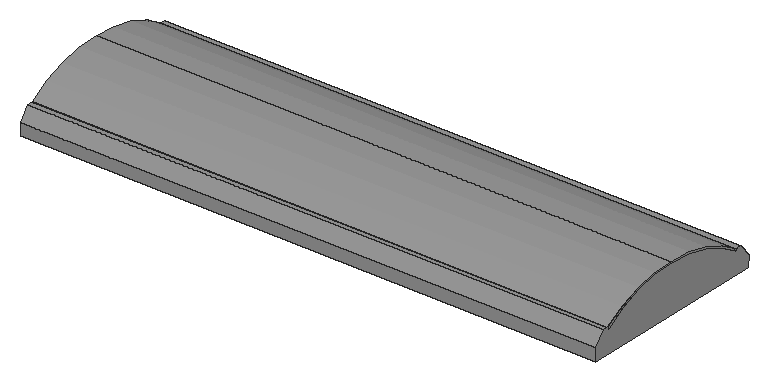
Revit family "r2016_omelta_lyuks-12cn", category Осветительные приборы, Revit 2016
Family settings
  Основа = Грань
  Тип детали = Нормальный
  Размер круглого соединителя = Использовать диаметр
  При загрузке вырезать с полостями = Нет
  Источник света = Нет
  Общий = Нет
  Точка расчета площади = Да
Parameters (values of type "ВХОД")
  Разработано = "«support@bimlib.ru»"  # constant formula
  Полная установленная мощность = 0 VA
  Лампа = "LED"
  Изготовитель = "ООО «Электротехника и Автоматика»"  # constant formula
  Z [instance] = 1000 mm
  ADSK_Примечание [instance] = ""
  ADSK_Позиция [instance] = ""
  ADSK_Марка [instance] = ADSK_Обозначение  # "ЛЮКС-12 СН"
  ADSK_Единица измерения = "шт."
  "Эвакуационный выход" = no
  "Пожар" = no
  "Вход" = yes
  X [instance] = 1000 mm
  Default Elevation = 2600 mm
  Y [instance] = 1100 mm
  URL = "https://omelta.com/store/20-lyuks_12_sn/"
  ADSK_Этаж [instance] = ""
  ADSK_Ток [instance] = 0.08 A
  ADSK_Обозначение [instance] = "ЛЮКС-12 СН"  # constant formula
  ADSK_Напряжение [instance] = 12 V
  ADSK_Наименование [instance] = "Световой указатель (информационное табло), IP55"
  ADSK_Материал наименование [instance] = ""
  ADSK_Масса [instance] = 0.2
  ADSK_Код изделия [instance] = "ТУ 4372-002-49518441-04"
  ADSK_Завод-изготовитель [instance] = "ООО «Электротехника и Автоматика»"  # constant formula
  "Запасный выход" = no
  "Выход" = no
Types (6, lengths in mm): name | Z | "Эвакуационный выход" | "Пожар" | "Вход" | "Запасный выход" | "Выход"
  (no name) | 1000 | no | no | yes | no | no
  ВЫХОД | 219.913 | no | no | no | no | yes
  ЗАПАСНЫЙ ВЫХОД | 1000 | no | no | no | yes | no
  ВХОД | 1000 | no | no | yes | no | no
  ЭВАКУАЦИОННЫЙ ВЫХОД | 1000 | yes | no | no | no | no
  ПОЖАР | 1000 | no | yes | no | no | no
Reference planes
  plane 1 "По центру (Вперед/Назад)": y = 0
  plane 2: z = 0
  plane 3 "По центру (Влево/Вправо)": x = 0
  plane 4: x = 1000
  plane 5: z = -1000
  plane 6: y = 1000
Forms (mm)
  Extrusion 1, solid, detail levels medium
    sketch origin (0, 0, 0) x (1, 0, 0) y (0, 1, 0)
      loop
        line (-1219.2, 1219.2) -> (-1219.2, -1219.2) -> (1219.2, -1219.2) -> (1219.2, 1219.2) -> (-1219.2, 1219.2)
    from 0 to -304.8
  Extrusion 2, solid, material "Пластик темный", detail levels medium+fine
    sketch origin (151, -37.336, -45) x (0, 0, 1) y (0, 1, 0)
      loop
        line (45, -12.484) -> (51.394, -12.484) -> (57.519, -7.345) -> (57.519, -4.333)
        arc (57.519, -4.333) -> (67.14, 15.487) -> (69.977, 37.336) r 68.556
        arc (69.977, 37.336) -> (67.14, 59.184) -> (57.519, 79.004) r 68.556
        line (57.519, 79.004) -> (57.519, 81.781) -> (51.394, 86.92) -> (45, 86.92) -> (45, -12.484)
    from 0 to 300
  Extrusion 3, solid, material "Пластик темный", not visible, detail levels medium+fine
    sketch origin (151, -37.336, -45) x (0, 0, 1) y (0, 1, 0)
      loop
        line (45, -12.484) -> (51.394, -12.484) -> (57.519, -7.345) -> (57.519, -4.333)
        arc (57.519, -4.333) -> (67.14, 15.487) -> (69.977, 37.336) r 68.556
        arc (69.977, 37.336) -> (67.14, 59.184) -> (57.519, 79.004) r 68.556
        line (57.519, 79.004) -> (57.519, 81.781) -> (51.394, 86.92) -> (45, 86.92) -> (45, -12.484)
    from 0 to 300
  Extrusion 4, solid, material "Пиктограмма "Вход"", visible <- ""Вход"", detail levels medium+fine
    sketch origin (2, -0.078, 0) x (0, -1, 0) y (0, 0, 1)
      loop
        arc (0, 24.995) -> (-22, 22.276) -> (-41.904, 12.519) r 66.917
        line (-41.904, 12.519) -> (-41.434, 11.861)
        arc (-41.434, 11.861) -> (-21.757, 21.565) -> (0, 24.384) r 66.917
        arc (0, 24.384) -> (21.757, 21.565) -> (41.434, 11.861) r 66.917
        line (41.434, 11.861) -> (41.904, 12.519)
        arc (41.904, 12.519) -> (22, 22.276) -> (0, 24.995) r 66.917
    from -149 to 151
  Extrusion 5, solid, material "Пиктограмма "Эвакуационный выход"", visible <- ""Эвакуационный выход"", detail levels medium+fine
    sketch origin (2, -0.078, 0) x (0, -1, 0) y (0, 0, 1)
      loop
        arc (0, 24.995) -> (-22, 22.276) -> (-41.904, 12.519) r 66.917
        line (-41.904, 12.519) -> (-41.434, 11.861)
        arc (-41.434, 11.861) -> (-21.757, 21.565) -> (0, 24.384) r 66.917
        arc (0, 24.384) -> (21.757, 21.565) -> (41.434, 11.861) r 66.917
        line (41.434, 11.861) -> (41.904, 12.519)
        arc (41.904, 12.519) -> (22, 22.276) -> (0, 24.995) r 66.917
    from -149 to 151
  Extrusion 6, solid, material "Пиктограммы "Запасный выход"", visible <- ""Запасный выход"", detail levels medium+fine
    sketch origin (2, -0.078, 0) x (0, -1, 0) y (0, 0, 1)
      loop
        arc (0, 24.995) -> (-22, 22.276) -> (-41.904, 12.519) r 66.917
        line (-41.904, 12.519) -> (-41.434, 11.861)
        arc (-41.434, 11.861) -> (-21.757, 21.565) -> (0, 24.384) r 66.917
        arc (0, 24.384) -> (21.757, 21.565) -> (41.434, 11.861) r 66.917
        line (41.434, 11.861) -> (41.904, 12.519)
        arc (41.904, 12.519) -> (22, 22.276) -> (0, 24.995) r 66.917
    from -149 to 151
  Extrusion 7, solid, material "Пиктограмма "Выход"", visible <- ""Выход"", detail levels medium+fine
    sketch origin (2, -0.078, 0) x (0, -1, 0) y (0, 0, 1)
      loop
        arc (0, 24.995) -> (-22, 22.276) -> (-41.904, 12.519) r 66.917
        line (-41.904, 12.519) -> (-41.434, 11.861)
        arc (-41.434, 11.861) -> (-21.757, 21.565) -> (0, 24.384) r 66.917
        arc (0, 24.384) -> (21.757, 21.565) -> (41.434, 11.861) r 66.917
        line (41.434, 11.861) -> (41.904, 12.519)
        arc (41.904, 12.519) -> (22, 22.276) -> (0, 24.995) r 66.917
    from -149 to 151
  Extrusion 8, solid, material "Пиктограмма "Пожар"", visible <- ""Пожар"", detail levels medium+fine
    sketch origin (2, -0.078, 0) x (0, -1, 0) y (0, 0, 1)
      loop
        arc (0, 24.995) -> (-22, 22.276) -> (-41.904, 12.519) r 66.917
        line (-41.904, 12.519) -> (-41.434, 11.861)
        arc (-41.434, 11.861) -> (-21.757, 21.565) -> (0, 24.384) r 66.917
        arc (0, 24.384) -> (21.757, 21.565) -> (41.434, 11.861) r 66.917
        line (41.434, 11.861) -> (41.904, 12.519)
        arc (41.904, 12.519) -> (22, 22.276) -> (0, 24.995) r 66.917
    from -149 to 151
  Extrusion 9, solid, material "Пиктограмма "Вход"", visible <- ""Вход"", not visible, detail levels medium+fine
    sketch origin (2, -0.078, 0) x (0, -1, 0) y (0, 0, 1)
      loop
        arc (0, 24.995) -> (-22, 22.276) -> (-41.904, 12.519) r 66.917
        line (-41.904, 12.519) -> (-41.434, 11.861)
        arc (-41.434, 11.861) -> (-21.757, 21.565) -> (0, 24.384) r 66.917
        arc (0, 24.384) -> (21.757, 21.565) -> (41.434, 11.861) r 66.917
        line (41.434, 11.861) -> (41.904, 12.519)
        arc (41.904, 12.519) -> (22, 22.276) -> (0, 24.995) r 66.917
    from -149 to 151
  Extrusion 10, solid, material "Пиктограмма "Эвакуационный выход"", visible <- ""Эвакуационный выход"", not visible, detail levels medium+fine
    sketch origin (2, -0.078, 0) x (0, -1, 0) y (0, 0, 1)
      loop
        arc (0, 24.995) -> (-22, 22.276) -> (-41.904, 12.519) r 66.917
        line (-41.904, 12.519) -> (-41.434, 11.861)
        arc (-41.434, 11.861) -> (-21.757, 21.565) -> (0, 24.384) r 66.917
        arc (0, 24.384) -> (21.757, 21.565) -> (41.434, 11.861) r 66.917
        line (41.434, 11.861) -> (41.904, 12.519)
        arc (41.904, 12.519) -> (22, 22.276) -> (0, 24.995) r 66.917
    from -149 to 151
  Extrusion 11, solid, material "Пиктограммы "Запасный выход"", visible <- ""Запасный выход"", not visible, detail levels medium+fine
    sketch origin (2, -0.078, 0) x (0, -1, 0) y (0, 0, 1)
      loop
        arc (0, 24.995) -> (-22, 22.276) -> (-41.904, 12.519) r 66.917
        line (-41.904, 12.519) -> (-41.434, 11.861)
        arc (-41.434, 11.861) -> (-21.757, 21.565) -> (0, 24.384) r 66.917
        arc (0, 24.384) -> (21.757, 21.565) -> (41.434, 11.861) r 66.917
        line (41.434, 11.861) -> (41.904, 12.519)
        arc (41.904, 12.519) -> (22, 22.276) -> (0, 24.995) r 66.917
    from -149 to 151
  Extrusion 12, solid, material "Пиктограмма "Выход"", visible <- ""Выход"", not visible, detail levels medium+fine
    sketch origin (2, -0.078, 0) x (0, -1, 0) y (0, 0, 1)
      loop
        arc (0, 24.995) -> (-22, 22.276) -> (-41.904, 12.519) r 66.917
        line (-41.904, 12.519) -> (-41.434, 11.861)
        arc (-41.434, 11.861) -> (-21.757, 21.565) -> (0, 24.384) r 66.917
        arc (0, 24.384) -> (21.757, 21.565) -> (41.434, 11.861) r 66.917
        line (41.434, 11.861) -> (41.904, 12.519)
        arc (41.904, 12.519) -> (22, 22.276) -> (0, 24.995) r 66.917
    from -149 to 151
  Extrusion 13, solid, material "Пиктограмма "Пожар"", visible <- ""Пожар"", not visible, detail levels medium+fine
    sketch origin (2, -0.078, 0) x (0, -1, 0) y (0, 0, 1)
      loop
        arc (0, 24.995) -> (-22, 22.276) -> (-41.904, 12.519) r 66.917
        line (-41.904, 12.519) -> (-41.434, 11.861)
        arc (-41.434, 11.861) -> (-21.757, 21.565) -> (0, 24.384) r 66.917
        arc (0, 24.384) -> (21.757, 21.565) -> (41.434, 11.861) r 66.917
        line (41.434, 11.861) -> (41.904, 12.519)
        arc (41.904, 12.519) -> (22, 22.276) -> (0, 24.995) r 66.917
    from -149 to 151
Lines and regions (mm)
  model lines, not visible, detail levels coarse
    curve 1: line (-150.989, -179.858, 0) -> (-150.989, -179.858, 80)
    curve 2: line (151.011, -179.858, 80) -> (151.011, -179.858, 0)
    curve 3: line (-150.989, -179.858, 0) -> (151.011, -179.858, 0)
    curve 4: line (151.011, -179.858, 80) -> (-150.989, -179.858, 80)
    curve 5: line (151.011, -179.858, 80) -> (-150.989, -179.858, 0)
    curve 6: line (-150.989, -179.858, 80) -> (151.011, -179.858, 0)
  model lines, style "InvisibleLines", not visible
    curve 7: line (-150.989, -179.858, 0) -> (-150.989, -179.858, 80)
    curve 8: line (0.011, -179.858, 80) -> (0.011, -179.858, 0)
    curve 9: line (-150.989, -179.858, 40) -> (151.011, -179.858, 40)
  reference lines
    curve 10: line (-151, 0, 100) -> (209, 0, 100)
    curve 11: line (0, 0, 146.999) -> (0, 0, -73.001)
    curve 21: line (341.387, 0, 8.939) -> (721.387, 0, 8.939)
  model lines, detail levels coarse
    curve 12: line (-151, 0, 60) -> (-151, 0, 140)
    curve 13: line (151, 0, 140) -> (151, 0, 60)
    curve 14: line (-151, 0, 60) -> (151, 0, 60)
    curve 15: line (151, 0, 140) -> (-151, 0, 140)
    curve 16: line (151, 0, 140) -> (-151, 0, 60)
    curve 17: line (-151, 0, 140) -> (151, 0, 60)
  model lines, style "InvisibleLines"
    curve 18: line (-151, 0, 60) -> (-151, 0, 140)
    curve 19: line (0, 0, 140) -> (0, 0, 60)
    curve 20: line (-151, 0, 100) -> (151, 0, 100)
Dimensions and locks
  "Z": curve 21 to plane 6
  "Y": curve 10 to plane 5
  "X": curve 11 to plane 4
  aligned and locked: plane 2 to Extrusion 1
  aligned and locked: level to Extrusion 1
  aligned and locked: curve 7 to curve 1
  aligned and locked: curve 18 to curve 12
  aligned and locked: curve 15 to curve 21
  aligned and locked: curve 11 to curve 19
  aligned and locked: curve 10 to curve 20
Automatic sketch dimensions
  Extrusion 1 sketch curve to Extrusion 1 sketch curve = 2438.4 mm  (x2)
  Extrusion 2 sketch curve to Extrusion 2 sketch curve = 0 mm
  Extrusion 2 sketch curve to Extrusion 2 sketch curve = 43.543 mm
  Extrusion 2 sketch curve to Extrusion 2 sketch curve = 6.394 mm  (x2)
  Extrusion 2 sketch curve to Extrusion 2 sketch curve = 6.125 mm  (x2)
  Extrusion 2 sketch curve to Extrusion 2 sketch curve = 5.139 mm  (x2)
  Extrusion 2 sketch curve to Extrusion 2 sketch curve = 3.012 mm
  Extrusion 2 sketch curve to Extrusion 2 sketch curve = 47.61 mm
  Extrusion 2 sketch curve to Extrusion 2 sketch curve = 4.42 mm
  Extrusion 2 sketch curve to Extrusion 2 sketch curve = 39.459 mm
  Extrusion 2 sketch curve to Extrusion 2 sketch curve = 2.777 mm
  Extrusion 4 sketch curve to Extrusion 4 sketch curve = 0.471 mm  (x2)
  Extrusion 4 sketch curve to Extrusion 4 sketch curve = 38.529 mm  (x2)
  Extrusion 4 sketch curve to Extrusion 4 sketch curve = 0.507 mm  (x2)
  Extrusion 4 sketch curve to Extrusion 4 sketch curve = 4.795 mm
  Extrusion 4 sketch curve to Extrusion 4 sketch curve = 0 mm
  Extrusion 4 sketch curve to Extrusion 4 sketch curve = 0.632 mm  (x2)
  Extrusion 4 sketch curve to Extrusion 4 sketch curve = 53.72 mm  (x2)
  Extrusion 4 sketch curve to Extrusion 4 sketch curve = 0.658 mm  (x2)
  Extrusion 3 sketch curve to Extrusion 3 sketch curve = 0 mm
  Extrusion 3 sketch curve to Extrusion 3 sketch curve = 43.543 mm
  Extrusion 3 sketch curve to Extrusion 3 sketch curve = 6.394 mm  (x2)
  Extrusion 3 sketch curve to Extrusion 3 sketch curve = 6.125 mm  (x2)
  Extrusion 3 sketch curve to Extrusion 3 sketch curve = 5.139 mm  (x2)
  Extrusion 3 sketch curve to Extrusion 3 sketch curve = 3.012 mm
  Extrusion 3 sketch curve to Extrusion 3 sketch curve = 47.61 mm
  Extrusion 3 sketch curve to Extrusion 3 sketch curve = 4.42 mm
  Extrusion 3 sketch curve to Extrusion 3 sketch curve = 39.459 mm
  Extrusion 3 sketch curve to Extrusion 3 sketch curve = 2.777 mm
  Extrusion 9 sketch curve to Extrusion 9 sketch curve = 0.471 mm  (x2)
  Extrusion 9 sketch curve to Extrusion 9 sketch curve = 38.529 mm  (x2)
  Extrusion 9 sketch curve to Extrusion 9 sketch curve = 0.507 mm  (x2)
  Extrusion 9 sketch curve to Extrusion 9 sketch curve = 4.795 mm
  Extrusion 9 sketch curve to Extrusion 9 sketch curve = 0 mm
  Extrusion 9 sketch curve to Extrusion 9 sketch curve = 0.632 mm  (x2)
  Extrusion 9 sketch curve to Extrusion 9 sketch curve = 53.72 mm  (x2)
  Extrusion 9 sketch curve to Extrusion 9 sketch curve = 0.658 mm  (x2)
  curve 10 to plane 3 "По центру (Влево/Вправо)" = 151 mm
  plane 3 "По центру (Влево/Вправо)" to curve 10 = 209 mm
  curve 11 to level = 73.001 mm
  level to curve 11 = 146.999 mm
  plane 3 "По центру (Влево/Вправо)" to curve 21 = 341.387 mm
  curve 21 to plane 4 = 278.613 mm
Connectors
  electrical at (0, 0, 0), driven by "ADSK_Напряжение", driven by "Полная установленная мощность"
    settings: on Extrusion 2, index 2, voltage 12 V, apparent load 0 VA, apparent load phase1 0 VA, apparent load phase2 0 VA, apparent load phase3 0 VA, power factor 1, load classification "Прочее", number of poles 1, system type 12, power factor state 1, is connector primary yes, connector utility yes, sub classification motor no, connector description ""
